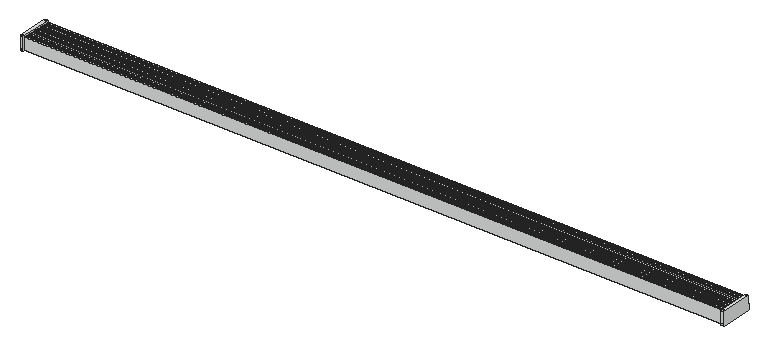
Revit family "Shower-Drain_Cover-KOHLER-Linear-K-80655", category Specialty Equipment, host Face, Revit 2017 (continued)
Definition of nested family "K-80655"
  Lines and regions (in)
    symbolic lines, detail levels medium+fine
      curve 1983: arc (27.46029, -0.83109, 0) -> (27.44855, -0.87565, 0) -> (27.41784, -0.91, 0) r 0.09854
      curve 1984: arc (27.35293, -1.01, 0) -> (27.35, -1.02893, 0) -> (27.34925, -1.04807, 0) r 0.16707
      curve 1985: line (26.89661, -1.15, 0) -> (27.24918, -1.15, 0)
      curve 1986: line (26.79749, -1.05088, 0) -> (26.79749, -1.01, 0)
      curve 1987: arc (26.79749, -1.05088, 0) -> (26.82652, -1.12097, 0) -> (26.89661, -1.15, 0) r 0.09912
      curve 1988: arc (27.24918, -1.15, 0) -> (27.3206, -1.12003, 0) -> (27.34925, -1.04807, 0) r 0.10009
      curve 1989: line (26.79749, -0.91, 0) -> (27.41784, -0.91, 0)
      curve 1990: line (28.23509, -0.05, 0) -> (28.23509, -0.19, 0)
      curve 1991: line (28.23509, -1.01, 0) -> (27.67964, -1.01, 0)
      curve 1992: line (27.35293, -1.01, 0) -> (26.79749, -1.01, 0)
      curve 1993: line (27.60364, -1.01, 0) -> (27.42893, -1.01, 0)
      curve 1994: line (28.23509, -1.01, 0) -> (28.23509, -1.05088, 0)
      curve 1995: line (26.79749, -0.91, 0) -> (26.79749, -0.77, 0)
      curve 1996: line (28.23509, -0.77, 0) -> (27.57229, -0.77, 0)
      curve 1997: line (27.61473, -0.91, 0) -> (28.23509, -0.91, 0)
      curve 1998: line (26.79749, -0.67, 0) -> (26.79749, -0.53, 0)
      curve 1999: line (27.46029, -0.77, 0) -> (26.79749, -0.77, 0)
      curve 2000: line (27.57229, -0.77, 0) -> (27.57229, -0.83109, 0)
      curve 2001: line (27.46029, -0.77, 0) -> (27.46029, -0.83109, 0)
      curve 2002: line (28.23509, -0.77, 0) -> (28.23509, -0.91, 0)
      curve 2003: line (28.23509, -0.67, 0) -> (27.57229, -0.67, 0)
      curve 2004: line (28.23509, -0.53, 0) -> (27.57229, -0.53, 0)
      curve 2005: line (27.46029, -0.67, 0) -> (26.79749, -0.67, 0)
      curve 2006: line (27.46029, -0.53, 0) -> (26.79749, -0.53, 0)
      curve 2007: line (28.23509, -0.53, 0) -> (28.23509, -0.67, 0)
      curve 2008: line (26.79749, -0.43, 0) -> (26.79749, -0.29, 0)
      curve 2009: line (27.46029, -0.53, 0) -> (27.46029, -0.67, 0)
      curve 2010: line (27.57229, -0.53, 0) -> (27.57229, -0.67, 0)
      curve 2011: line (28.23509, -0.43, 0) -> (27.57229, -0.43, 0)
      curve 2012: line (28.23509, -0.29, 0) -> (27.57229, -0.29, 0)
      curve 2013: line (28.23509, -0.29, 0) -> (28.23509, -0.43, 0)
      curve 2014: line (27.57229, -0.29, 0) -> (27.57229, -0.43, 0)
      curve 2015: line (27.46029, -0.29, 0) -> (27.46029, -0.43, 0)
      curve 2016: line (26.79749, -0.19, 0) -> (26.79749, -0.05, 0)
      curve 2017: line (27.46029, -0.29, 0) -> (26.79749, -0.29, 0)
      curve 2018: line (27.46029, -0.43, 0) -> (26.79749, -0.43, 0)
      curve 2019: line (28.23509, -0.19, 0) -> (27.57229, -0.19, 0)
      curve 2020: line (28.23509, -0.05, 0) -> (27.57229, -0.05, 0)
      curve 2021: line (27.46029, -0.19, 0) -> (26.79749, -0.19, 0)
      curve 2022: line (27.46029, -0.05, 0) -> (26.79749, -0.05, 0)
      curve 2023: line (26.68437, 0.05, 0) -> (26.68437, 0.19, 0)
      curve 2024: line (26.12069, 1.15, 0) -> (26.58496, 1.15, 0)
      curve 2025: line (26.02157, 1.05088, 0) -> (26.02157, 1.01, 0)
      curve 2026: arc (26.02157, 1.05088, 0) -> (26.0506, 1.12097, 0) -> (26.12069, 1.15, 0) r 0.09912
      curve 2027: line (26.02157, 0.91, 0) -> (26.68437, 0.91, 0)
      curve 2028: line (26.68437, 1.01, 0) -> (26.02157, 1.01, 0)
      curve 2029: line (26.02157, 0.91, 0) -> (26.02157, 0.77, 0)
      curve 2030: line (26.02157, 0.67, 0) -> (26.02157, 0.53, 0)
      curve 2031: line (26.68437, 0.77, 0) -> (26.02157, 0.77, 0)
      curve 2032: line (26.68437, 0.77, 0) -> (26.68437, 0.91, 0)
      curve 2033: line (26.68437, 0.67, 0) -> (26.02157, 0.67, 0)
      curve 2034: line (26.68437, 0.53, 0) -> (26.02157, 0.53, 0)
      curve 2035: line (26.02157, 0.43, 0) -> (26.02157, 0.29, 0)
      curve 2036: line (26.68437, 0.53, 0) -> (26.68437, 0.67, 0)
      curve 2037: line (26.68437, 0.29, 0) -> (26.68437, 0.43, 0)
      curve 2038: line (26.02157, 0.19, 0) -> (26.02157, 0.05, 0)
      curve 2039: line (26.68437, 0.29, 0) -> (26.02157, 0.29, 0)
      curve 2040: line (26.68437, 0.43, 0) -> (26.02157, 0.43, 0)
      curve 2041: line (26.68437, 0.19, 0) -> (26.02157, 0.19, 0)
      curve 2042: line (26.68437, 0.05, 0) -> (26.02157, 0.05, 0)
      curve 2043: line (26.68437, -0.05, 0) -> (26.68437, -0.19, 0)
      curve 2044: line (26.12069, -1.15, 0) -> (26.58117, -1.15, 0)
      curve 2045: line (26.02157, -1.05088, 0) -> (26.02157, -1.01, 0)
      curve 2046: arc (26.02157, -1.05088, 0) -> (26.0506, -1.12097, 0) -> (26.12069, -1.15, 0) r 0.09912
      curve 2047: line (26.02157, -0.91, 0) -> (26.68437, -0.91, 0)
      curve 2048: line (26.68437, -1.01, 0) -> (26.02157, -1.01, 0)
      curve 2049: line (26.02157, -0.91, 0) -> (26.02157, -0.77, 0)
      curve 2050: line (26.02157, -0.67, 0) -> (26.02157, -0.53, 0)
      curve 2051: line (26.68437, -0.77, 0) -> (26.02157, -0.77, 0)
      curve 2052: line (26.68437, -0.77, 0) -> (26.68437, -0.91, 0)
      curve 2053: line (26.68437, -0.67, 0) -> (26.02157, -0.67, 0)
      curve 2054: line (26.68437, -0.53, 0) -> (26.02157, -0.53, 0)
      curve 2055: line (26.02157, -0.43, 0) -> (26.02157, -0.29, 0)
      curve 2056: line (26.68437, -0.53, 0) -> (26.68437, -0.67, 0)
      curve 2057: line (26.68437, -0.29, 0) -> (26.68437, -0.43, 0)
      curve 2058: line (26.02157, -0.19, 0) -> (26.02157, -0.05, 0)
      curve 2059: line (26.68437, -0.29, 0) -> (26.02157, -0.29, 0)
      curve 2060: line (26.68437, -0.43, 0) -> (26.02157, -0.43, 0)
      curve 2061: line (26.68437, -0.19, 0) -> (26.02157, -0.19, 0)
      curve 2062: line (26.68437, -0.05, 0) -> (26.02157, -0.05, 0)
      curve 2063: line (26.68437, 1.01, 0) -> (26.68437, 1.05059, 0)
      curve 2064: arc (26.68437, 1.05059, 0) -> (26.65525, 1.12088, 0) -> (26.58496, 1.15, 0) r 0.09941
      curve 2065: line (26.68437, -1.01, 0) -> (26.68437, -1.04681, 0)
      curve 2066: arc (26.68437, -1.04681, 0) -> (26.65414, -1.11978, 0) -> (26.58117, -1.15, 0) r 0.10319
      curve 2067: line (25.24372, 0.05, 0) -> (25.24372, 0.19, 0)
      curve 2068: arc (25.24372, 0.83109, 0) -> (25.25546, 0.87565, 0) -> (25.28617, 0.91, 0) r 0.09854
      curve 2069: arc (25.35108, 1.01, 0) -> (25.35402, 1.02893, 0) -> (25.35476, 1.04807, 0) r 0.16707
      curve 2070: line (25.80741, 1.15, 0) -> (25.45483, 1.15, 0)
      curve 2071: arc (25.90652, 1.05088, 0) -> (25.87749, 1.12097, 0) -> (25.80741, 1.15, 0) r 0.09912
      curve 2072: arc (25.45483, 1.15, 0) -> (25.38341, 1.12003, 0) -> (25.35476, 1.04807, 0) r 0.10009
      curve 2073: arc (25.10037, 1.01, 0) -> (25.18772, 1.13911, 0) -> (25.27508, 1.01, 0) r 0.09411
      curve 2074: line (25.13172, 0.05, 0) -> (25.13172, 0.19, 0)
      curve 2075: arc (25.13172, 0.83109, 0) -> (25.11999, 0.87565, 0) -> (25.08928, 0.91, 0) r 0.09854
      curve 2076: arc (25.02437, 1.01, 0) -> (25.02143, 1.02893, 0) -> (25.02069, 1.04807, 0) r 0.16707
      curve 2077: line (24.56804, 1.15, 0) -> (24.92062, 1.15, 0)
      curve 2078: line (24.46892, 1.05088, 0) -> (24.46892, 1.01, 0)
      curve 2079: arc (24.46892, 1.05088, 0) -> (24.49796, 1.12097, 0) -> (24.56804, 1.15, 0) r 0.09912
      curve 2080: arc (24.92062, 1.15, 0) -> (24.99204, 1.12003, 0) -> (25.02069, 1.04807, 0) r 0.10009
      curve 2081: line (24.46892, 0.91, 0) -> (25.08928, 0.91, 0)
      curve 2082: line (25.90652, 0.05, 0) -> (25.90652, 0.19, 0)
      curve 2083: line (25.90652, 1.01, 0) -> (25.35108, 1.01, 0)
      curve 2084: line (25.02437, 1.01, 0) -> (24.46892, 1.01, 0)
      curve 2085: line (25.27508, 1.01, 0) -> (25.10037, 1.01, 0)
      curve 2086: line (25.90652, 1.01, 0) -> (25.90652, 1.05088, 0)
      curve 2087: line (24.46892, 0.91, 0) -> (24.46892, 0.77, 0)
      curve 2088: line (25.90652, 0.77, 0) -> (25.24372, 0.77, 0)
      curve 2089: line (25.28617, 0.91, 0) -> (25.90652, 0.91, 0)
      curve 2090: line (24.46892, 0.67, 0) -> (24.46892, 0.53, 0)
      curve 2091: line (25.13172, 0.77, 0) -> (24.46892, 0.77, 0)
      curve 2092: line (25.24372, 0.77, 0) -> (25.24372, 0.83109, 0)
      curve 2093: line (25.13172, 0.77, 0) -> (25.13172, 0.83109, 0)
      curve 2094: line (25.90652, 0.77, 0) -> (25.90652, 0.91, 0)
      curve 2095: line (25.90652, 0.67, 0) -> (25.24372, 0.67, 0)
      curve 2096: line (25.90652, 0.53, 0) -> (25.24372, 0.53, 0)
      curve 2097: line (25.13172, 0.67, 0) -> (24.46892, 0.67, 0)
      curve 2098: line (25.13172, 0.53, 0) -> (24.46892, 0.53, 0)
      curve 2099: line (25.90652, 0.53, 0) -> (25.90652, 0.67, 0)
      curve 2100: line (24.46892, 0.43, 0) -> (24.46892, 0.29, 0)
      curve 2101: line (25.13172, 0.53, 0) -> (25.13172, 0.67, 0)
      curve 2102: line (25.24372, 0.53, 0) -> (25.24372, 0.67, 0)
      curve 2103: line (25.90652, 0.43, 0) -> (25.24372, 0.43, 0)
      curve 2104: line (25.90652, 0.29, 0) -> (25.24372, 0.29, 0)
      curve 2105: line (25.90652, 0.29, 0) -> (25.90652, 0.43, 0)
      curve 2106: line (25.24372, 0.29, 0) -> (25.24372, 0.43, 0)
      curve 2107: line (25.13172, 0.29, 0) -> (25.13172, 0.43, 0)
      curve 2108: line (24.46892, 0.19, 0) -> (24.46892, 0.05, 0)
      curve 2109: line (25.13172, 0.29, 0) -> (24.46892, 0.29, 0)
      curve 2110: line (25.13172, 0.43, 0) -> (24.46892, 0.43, 0)
      curve 2111: line (25.90652, 0.19, 0) -> (25.24372, 0.19, 0)
      curve 2112: line (25.90652, 0.05, 0) -> (25.24372, 0.05, 0)
      curve 2113: line (25.13172, 0.19, 0) -> (24.46892, 0.19, 0)
      curve 2114: line (25.13172, 0.05, 0) -> (24.46892, 0.05, 0)
      curve 2115: line (25.24372, -0.05, 0) -> (25.24372, -0.19, 0)
      curve 2116: arc (25.24372, -0.83109, 0) -> (25.25546, -0.87565, 0) -> (25.28617, -0.91, 0) r 0.09854
      curve 2117: arc (25.35108, -1.01, 0) -> (25.35402, -1.02893, 0) -> (25.35476, -1.04807, 0) r 0.16707
      curve 2118: line (25.80741, -1.15, 0) -> (25.45483, -1.15, 0)
      curve 2119: arc (25.90652, -1.05088, 0) -> (25.87749, -1.12097, 0) -> (25.80741, -1.15, 0) r 0.09912
      curve 2120: arc (25.45483, -1.15, 0) -> (25.38341, -1.12003, 0) -> (25.35476, -1.04807, 0) r 0.10009
      curve 2121: arc (25.10037, -1.01, 0) -> (25.18772, -1.13911, 0) -> (25.27508, -1.01, 0) r 0.09411
      curve 2122: line (25.13172, -0.05, 0) -> (25.13172, -0.19, 0)
      curve 2123: arc (25.13172, -0.83109, 0) -> (25.11999, -0.87565, 0) -> (25.08928, -0.91, 0) r 0.09854
      curve 2124: arc (25.02437, -1.01, 0) -> (25.02143, -1.02893, 0) -> (25.02069, -1.04807, 0) r 0.16707
      curve 2125: line (24.56804, -1.15, 0) -> (24.92062, -1.15, 0)
      curve 2126: line (24.46892, -1.05088, 0) -> (24.46892, -1.01, 0)
      curve 2127: arc (24.46892, -1.05088, 0) -> (24.49796, -1.12097, 0) -> (24.56804, -1.15, 0) r 0.09912
      curve 2128: arc (24.92062, -1.15, 0) -> (24.99204, -1.12003, 0) -> (25.02069, -1.04807, 0) r 0.10009
      curve 2129: line (24.46892, -0.91, 0) -> (25.08928, -0.91, 0)
      curve 2130: line (25.90652, -0.05, 0) -> (25.90652, -0.19, 0)
      curve 2131: line (25.90652, -1.01, 0) -> (25.35108, -1.01, 0)
      curve 2132: line (25.02437, -1.01, 0) -> (24.46892, -1.01, 0)
      curve 2133: line (25.27508, -1.01, 0) -> (25.10037, -1.01, 0)
      curve 2134: line (25.90652, -1.01, 0) -> (25.90652, -1.05088, 0)
      curve 2135: line (24.46892, -0.91, 0) -> (24.46892, -0.77, 0)
      curve 2136: line (25.90652, -0.77, 0) -> (25.24372, -0.77, 0)
      curve 2137: line (25.28617, -0.91, 0) -> (25.90652, -0.91, 0)
      curve 2138: line (24.46892, -0.67, 0) -> (24.46892, -0.53, 0)
      curve 2139: line (25.13172, -0.77, 0) -> (24.46892, -0.77, 0)
      curve 2140: line (25.24372, -0.77, 0) -> (25.24372, -0.83109, 0)
      curve 2141: line (25.13172, -0.77, 0) -> (25.13172, -0.83109, 0)
      curve 2142: line (25.90652, -0.77, 0) -> (25.90652, -0.91, 0)
      curve 2143: line (25.90652, -0.67, 0) -> (25.24372, -0.67, 0)
      curve 2144: line (25.90652, -0.53, 0) -> (25.24372, -0.53, 0)
      curve 2145: line (25.13172, -0.67, 0) -> (24.46892, -0.67, 0)
      curve 2146: line (25.13172, -0.53, 0) -> (24.46892, -0.53, 0)
      curve 2147: line (25.90652, -0.53, 0) -> (25.90652, -0.67, 0)
      curve 2148: line (24.46892, -0.43, 0) -> (24.46892, -0.29, 0)
      curve 2149: line (25.13172, -0.53, 0) -> (25.13172, -0.67, 0)
      curve 2150: line (25.24372, -0.53, 0) -> (25.24372, -0.67, 0)
      curve 2151: line (25.90652, -0.43, 0) -> (25.24372, -0.43, 0)
      curve 2152: line (25.90652, -0.29, 0) -> (25.24372, -0.29, 0)
      curve 2153: line (25.90652, -0.29, 0) -> (25.90652, -0.43, 0)
      curve 2154: line (25.24372, -0.29, 0) -> (25.24372, -0.43, 0)
      curve 2155: line (25.13172, -0.29, 0) -> (25.13172, -0.43, 0)
      curve 2156: line (24.46892, -0.19, 0) -> (24.46892, -0.05, 0)
      curve 2157: line (25.13172, -0.29, 0) -> (24.46892, -0.29, 0)
      curve 2158: line (25.13172, -0.43, 0) -> (24.46892, -0.43, 0)
      curve 2159: line (25.90652, -0.19, 0) -> (25.24372, -0.19, 0)
      curve 2160: line (25.90652, -0.05, 0) -> (25.24372, -0.05, 0)
      curve 2161: line (25.13172, -0.19, 0) -> (24.46892, -0.19, 0)
      curve 2162: line (25.13172, -0.05, 0) -> (24.46892, -0.05, 0)
      curve 2163: line (24.35581, 0.05, 0) -> (24.35581, 0.19, 0)
      curve 2164: line (23.79213, 1.15, 0) -> (24.2564, 1.15, 0)
      curve 2165: line (23.69301, 1.05088, 0) -> (23.69301, 1.01, 0)
      curve 2166: arc (23.69301, 1.05088, 0) -> (23.72204, 1.12097, 0) -> (23.79213, 1.15, 0) r 0.09912
      curve 2167: line (23.69301, 0.91, 0) -> (24.35581, 0.91, 0)
      curve 2168: line (24.35581, 1.01, 0) -> (23.69301, 1.01, 0)
      curve 2169: line (23.69301, 0.91, 0) -> (23.69301, 0.77, 0)
      curve 2170: line (23.69301, 0.67, 0) -> (23.69301, 0.53, 0)
      curve 2171: line (24.35581, 0.77, 0) -> (23.69301, 0.77, 0)
      curve 2172: line (24.35581, 0.77, 0) -> (24.35581, 0.91, 0)
      curve 2173: line (24.35581, 0.67, 0) -> (23.69301, 0.67, 0)
      curve 2174: line (24.35581, 0.53, 0) -> (23.69301, 0.53, 0)
      curve 2175: line (23.69301, 0.43, 0) -> (23.69301, 0.29, 0)
      curve 2176: line (24.35581, 0.53, 0) -> (24.35581, 0.67, 0)
      curve 2177: line (24.35581, 0.29, 0) -> (24.35581, 0.43, 0)
      curve 2178: line (23.69301, 0.19, 0) -> (23.69301, 0.05, 0)
      curve 2179: line (24.35581, 0.29, 0) -> (23.69301, 0.29, 0)
      curve 2180: line (24.35581, 0.43, 0) -> (23.69301, 0.43, 0)
      curve 2181: line (24.35581, 0.19, 0) -> (23.69301, 0.19, 0)
      curve 2182: line (24.35581, 0.05, 0) -> (23.69301, 0.05, 0)
      curve 2183: line (24.35581, -0.05, 0) -> (24.35581, -0.19, 0)
      curve 2184: line (23.79213, -1.15, 0) -> (24.25261, -1.15, 0)
      curve 2185: line (23.69301, -1.05088, 0) -> (23.69301, -1.01, 0)
      curve 2186: arc (23.69301, -1.05088, 0) -> (23.72204, -1.12097, 0) -> (23.79213, -1.15, 0) r 0.09912
      curve 2187: line (23.69301, -0.91, 0) -> (24.35581, -0.91, 0)
      curve 2188: line (24.35581, -1.01, 0) -> (23.69301, -1.01, 0)
      curve 2189: line (23.69301, -0.91, 0) -> (23.69301, -0.77, 0)
      curve 2190: line (23.69301, -0.67, 0) -> (23.69301, -0.53, 0)
      curve 2191: line (24.35581, -0.77, 0) -> (23.69301, -0.77, 0)
      curve 2192: line (24.35581, -0.77, 0) -> (24.35581, -0.91, 0)
      curve 2193: line (24.35581, -0.67, 0) -> (23.69301, -0.67, 0)
      curve 2194: line (24.35581, -0.53, 0) -> (23.69301, -0.53, 0)
      curve 2195: line (23.69301, -0.43, 0) -> (23.69301, -0.29, 0)
      curve 2196: line (24.35581, -0.53, 0) -> (24.35581, -0.67, 0)
      curve 2197: line (24.35581, -0.29, 0) -> (24.35581, -0.43, 0)
      curve 2198: line (23.69301, -0.19, 0) -> (23.69301, -0.05, 0)
      curve 2199: line (24.35581, -0.29, 0) -> (23.69301, -0.29, 0)
      curve 2200: line (24.35581, -0.43, 0) -> (23.69301, -0.43, 0)
      curve 2201: line (24.35581, -0.19, 0) -> (23.69301, -0.19, 0)
      curve 2202: line (24.35581, -0.05, 0) -> (23.69301, -0.05, 0)
      curve 2203: line (24.35581, 1.01, 0) -> (24.35581, 1.05059, 0)
      curve 2204: arc (24.35581, 1.05059, 0) -> (24.32669, 1.12088, 0) -> (24.2564, 1.15, 0) r 0.09941
      curve 2205: line (24.35581, -1.01, 0) -> (24.35581, -1.04681, 0)
      curve 2206: arc (24.35581, -1.04681, 0) -> (24.32558, -1.11978, 0) -> (24.25261, -1.15, 0) r 0.10319
      curve 2207: line (22.91993, 0.05, 0) -> (22.91993, 0.19, 0)
      curve 2208: arc (22.91993, 0.83109, 0) -> (22.93167, 0.87565, 0) -> (22.96238, 0.91, 0) r 0.09854
      curve 2209: arc (23.02729, 1.01, 0) -> (23.03022, 1.02893, 0) -> (23.03097, 1.04807, 0) r 0.16707
      curve 2210: line (23.48361, 1.15, 0) -> (23.13104, 1.15, 0)
      curve 2211: arc (23.58273, 1.05088, 0) -> (23.5537, 1.12097, 0) -> (23.48361, 1.15, 0) r 0.09912
      curve 2212: arc (23.13104, 1.15, 0) -> (23.05962, 1.12003, 0) -> (23.03097, 1.04807, 0) r 0.10009
      curve 2213: arc (22.77657, 1.01, 0) -> (22.86393, 1.13911, 0) -> (22.95128, 1.01, 0) r 0.09411
      curve 2214: line (22.80793, 0.05, 0) -> (22.80793, 0.19, 0)
      curve 2215: arc (22.80793, 0.83109, 0) -> (22.79619, 0.87565, 0) -> (22.76548, 0.91, 0) r 0.09854
      curve 2216: arc (22.70057, 1.01, 0) -> (22.69764, 1.02893, 0) -> (22.69689, 1.04807, 0) r 0.16707
      curve 2217: line (22.24425, 1.15, 0) -> (22.59682, 1.15, 0)
      curve 2218: line (22.14513, 1.05088, 0) -> (22.14513, 1.01, 0)
      curve 2219: arc (22.14513, 1.05088, 0) -> (22.17416, 1.12097, 0) -> (22.24425, 1.15, 0) r 0.09912
      curve 2220: arc (22.59682, 1.15, 0) -> (22.66824, 1.12003, 0) -> (22.69689, 1.04807, 0) r 0.10009
      curve 2221: line (22.14513, 0.91, 0) -> (22.76548, 0.91, 0)
      curve 2222: line (23.58273, 0.05, 0) -> (23.58273, 0.19, 0)
      curve 2223: line (23.58273, 1.01, 0) -> (23.02729, 1.01, 0)
      curve 2224: line (22.70057, 1.01, 0) -> (22.14513, 1.01, 0)
      curve 2225: line (22.95128, 1.01, 0) -> (22.77657, 1.01, 0)
      curve 2226: line (23.58273, 1.01, 0) -> (23.58273, 1.05088, 0)
      curve 2227: line (22.14513, 0.91, 0) -> (22.14513, 0.77, 0)
      curve 2228: line (23.58273, 0.77, 0) -> (22.91993, 0.77, 0)
      curve 2229: line (22.96238, 0.91, 0) -> (23.58273, 0.91, 0)
      curve 2230: line (22.14513, 0.67, 0) -> (22.14513, 0.53, 0)
      curve 2231: line (22.80793, 0.77, 0) -> (22.14513, 0.77, 0)
      curve 2232: line (22.91993, 0.77, 0) -> (22.91993, 0.83109, 0)
      curve 2233: line (22.80793, 0.77, 0) -> (22.80793, 0.83109, 0)
      curve 2234: line (23.58273, 0.77, 0) -> (23.58273, 0.91, 0)
      curve 2235: line (23.58273, 0.67, 0) -> (22.91993, 0.67, 0)
      curve 2236: line (23.58273, 0.53, 0) -> (22.91993, 0.53, 0)
      curve 2237: line (22.80793, 0.67, 0) -> (22.14513, 0.67, 0)
      curve 2238: line (22.80793, 0.53, 0) -> (22.14513, 0.53, 0)
      curve 2239: line (23.58273, 0.53, 0) -> (23.58273, 0.67, 0)
      curve 2240: line (22.14513, 0.43, 0) -> (22.14513, 0.29, 0)
      curve 2241: line (22.80793, 0.53, 0) -> (22.80793, 0.67, 0)
      curve 2242: line (22.91993, 0.53, 0) -> (22.91993, 0.67, 0)
      curve 2243: line (23.58273, 0.43, 0) -> (22.91993, 0.43, 0)
      curve 2244: line (23.58273, 0.29, 0) -> (22.91993, 0.29, 0)
      curve 2245: line (23.58273, 0.29, 0) -> (23.58273, 0.43, 0)
      curve 2246: line (22.91993, 0.29, 0) -> (22.91993, 0.43, 0)
      curve 2247: line (22.80793, 0.29, 0) -> (22.80793, 0.43, 0)
      curve 2248: line (22.14513, 0.19, 0) -> (22.14513, 0.05, 0)
      curve 2249: line (22.80793, 0.29, 0) -> (22.14513, 0.29, 0)
      curve 2250: line (22.80793, 0.43, 0) -> (22.14513, 0.43, 0)
      curve 2251: line (23.58273, 0.19, 0) -> (22.91993, 0.19, 0)
      curve 2252: line (23.58273, 0.05, 0) -> (22.91993, 0.05, 0)
      curve 2253: line (22.80793, 0.19, 0) -> (22.14513, 0.19, 0)
      curve 2254: line (22.80793, 0.05, 0) -> (22.14513, 0.05, 0)
      curve 2255: line (22.91993, -0.05, 0) -> (22.91993, -0.19, 0)
      curve 2256: arc (22.91993, -0.83109, 0) -> (22.93167, -0.87565, 0) -> (22.96238, -0.91, 0) r 0.09854
      curve 2257: arc (23.02729, -1.01, 0) -> (23.03022, -1.02893, 0) -> (23.03097, -1.04807, 0) r 0.16707
      curve 2258: line (23.48361, -1.15, 0) -> (23.13104, -1.15, 0)
      curve 2259: arc (23.58273, -1.05088, 0) -> (23.5537, -1.12097, 0) -> (23.48361, -1.15, 0) r 0.09912
      curve 2260: arc (23.13104, -1.15, 0) -> (23.05962, -1.12003, 0) -> (23.03097, -1.04807, 0) r 0.10009
      curve 2261: arc (22.77657, -1.01, 0) -> (22.86393, -1.13911, 0) -> (22.95128, -1.01, 0) r 0.09411
      curve 2262: line (22.80793, -0.05, 0) -> (22.80793, -0.19, 0)
      curve 2263: arc (22.80793, -0.83109, 0) -> (22.79619, -0.87565, 0) -> (22.76548, -0.91, 0) r 0.09854
      curve 2264: arc (22.70057, -1.01, 0) -> (22.69764, -1.02893, 0) -> (22.69689, -1.04807, 0) r 0.16707
      curve 2265: line (22.24425, -1.15, 0) -> (22.59682, -1.15, 0)
      curve 2266: line (22.14513, -1.05088, 0) -> (22.14513, -1.01, 0)
      curve 2267: arc (22.14513, -1.05088, 0) -> (22.17416, -1.12097, 0) -> (22.24425, -1.15, 0) r 0.09912
      curve 2268: arc (22.59682, -1.15, 0) -> (22.66824, -1.12003, 0) -> (22.69689, -1.04807, 0) r 0.10009
      curve 2269: line (22.14513, -0.91, 0) -> (22.76548, -0.91, 0)
      curve 2270: line (23.58273, -0.05, 0) -> (23.58273, -0.19, 0)
      curve 2271: line (23.58273, -1.01, 0) -> (23.02729, -1.01, 0)
      curve 2272: line (22.70057, -1.01, 0) -> (22.14513, -1.01, 0)
      curve 2273: line (22.95128, -1.01, 0) -> (22.77657, -1.01, 0)
      curve 2274: line (23.58273, -1.01, 0) -> (23.58273, -1.05088, 0)
      curve 2275: line (22.14513, -0.91, 0) -> (22.14513, -0.77, 0)
      curve 2276: line (23.58273, -0.77, 0) -> (22.91993, -0.77, 0)
      curve 2277: line (22.96238, -0.91, 0) -> (23.58273, -0.91, 0)
      curve 2278: line (22.14513, -0.67, 0) -> (22.14513, -0.53, 0)
      curve 2279: line (22.80793, -0.77, 0) -> (22.14513, -0.77, 0)
      curve 2280: line (22.91993, -0.77, 0) -> (22.91993, -0.83109, 0)
      curve 2281: line (22.80793, -0.77, 0) -> (22.80793, -0.83109, 0)
      curve 2282: line (23.58273, -0.77, 0) -> (23.58273, -0.91, 0)
      curve 2283: line (23.58273, -0.67, 0) -> (22.91993, -0.67, 0)
      curve 2284: line (23.58273, -0.53, 0) -> (22.91993, -0.53, 0)
      curve 2285: line (22.80793, -0.67, 0) -> (22.14513, -0.67, 0)
      curve 2286: line (22.80793, -0.53, 0) -> (22.14513, -0.53, 0)
      curve 2287: line (23.58273, -0.53, 0) -> (23.58273, -0.67, 0)
      curve 2288: line (22.14513, -0.43, 0) -> (22.14513, -0.29, 0)
      curve 2289: line (22.80793, -0.53, 0) -> (22.80793, -0.67, 0)
      curve 2290: line (22.91993, -0.53, 0) -> (22.91993, -0.67, 0)
      curve 2291: line (23.58273, -0.43, 0) -> (22.91993, -0.43, 0)
      curve 2292: line (23.58273, -0.29, 0) -> (22.91993, -0.29, 0)
      curve 2293: line (23.58273, -0.29, 0) -> (23.58273, -0.43, 0)
      curve 2294: line (22.91993, -0.29, 0) -> (22.91993, -0.43, 0)
      curve 2295: line (22.80793, -0.29, 0) -> (22.80793, -0.43, 0)
      curve 2296: line (22.14513, -0.19, 0) -> (22.14513, -0.05, 0)
      curve 2297: line (22.80793, -0.29, 0) -> (22.14513, -0.29, 0)
      curve 2298: line (22.80793, -0.43, 0) -> (22.14513, -0.43, 0)
      curve 2299: line (23.58273, -0.19, 0) -> (22.91993, -0.19, 0)
      curve 2300: line (23.58273, -0.05, 0) -> (22.91993, -0.05, 0)
      curve 2301: line (22.80793, -0.19, 0) -> (22.14513, -0.19, 0)
      curve 2302: line (22.80793, -0.05, 0) -> (22.14513, -0.05, 0)
      curve 2303: line (21.37167, 0.05, 0) -> (21.37167, 0.19, 0)
      curve 2304: arc (21.37167, 0.83109, 0) -> (21.38341, 0.87565, 0) -> (21.41412, 0.91, 0) r 0.09854
      curve 2305: arc (21.47903, 1.01, 0) -> (21.48196, 1.02893, 0) -> (21.48271, 1.04807, 0) r 0.16707
      curve 2306: line (21.93535, 1.15, 0) -> (21.58278, 1.15, 0)
      curve 2307: arc (22.03447, 1.05088, 0) -> (22.00544, 1.12097, 0) -> (21.93535, 1.15, 0) r 0.09912
      curve 2308: arc (21.58278, 1.15, 0) -> (21.51136, 1.12003, 0) -> (21.48271, 1.04807, 0) r 0.10009
      curve 2309: arc (21.22832, 1.01, 0) -> (21.31567, 1.13911, 0) -> (21.40303, 1.01, 0) r 0.09411
      curve 2310: line (21.25967, 0.05, 0) -> (21.25967, 0.19, 0)
      curve 2311: arc (21.25967, 0.83109, 0) -> (21.24794, 0.87565, 0) -> (21.21722, 0.91, 0) r 0.09854
      curve 2312: arc (21.15232, 1.01, 0) -> (21.14938, 1.02893, 0) -> (21.14864, 1.04807, 0) r 0.16707
      curve 2313: line (20.69599, 1.15, 0) -> (21.04856, 1.15, 0)
      curve 2314: line (20.59687, 1.05088, 0) -> (20.59687, 1.01, 0)
      curve 2315: arc (20.59687, 1.05088, 0) -> (20.62591, 1.12097, 0) -> (20.69599, 1.15, 0) r 0.09912
      curve 2316: arc (21.04856, 1.15, 0) -> (21.11999, 1.12003, 0) -> (21.14864, 1.04807, 0) r 0.10009
      curve 2317: line (20.59687, 0.91, 0) -> (21.21722, 0.91, 0)
      curve 2318: line (22.03447, 0.05, 0) -> (22.03447, 0.19, 0)
      curve 2319: line (22.03447, 1.01, 0) -> (21.47903, 1.01, 0)
      curve 2320: line (21.15232, 1.01, 0) -> (20.59687, 1.01, 0)
      curve 2321: line (21.40303, 1.01, 0) -> (21.22832, 1.01, 0)
      curve 2322: line (22.03447, 1.01, 0) -> (22.03447, 1.05088, 0)
      curve 2323: line (20.59687, 0.91, 0) -> (20.59687, 0.77, 0)
      curve 2324: line (22.03447, 0.77, 0) -> (21.37167, 0.77, 0)
      curve 2325: line (21.41412, 0.91, 0) -> (22.03447, 0.91, 0)
      curve 2326: line (20.59687, 0.67, 0) -> (20.59687, 0.53, 0)
      curve 2327: line (21.25967, 0.77, 0) -> (20.59687, 0.77, 0)
      curve 2328: line (21.37167, 0.77, 0) -> (21.37167, 0.83109, 0)
      curve 2329: line (21.25967, 0.77, 0) -> (21.25967, 0.83109, 0)
      curve 2330: line (22.03447, 0.77, 0) -> (22.03447, 0.91, 0)
      curve 2331: line (22.03447, 0.67, 0) -> (21.37167, 0.67, 0)
      curve 2332: line (22.03447, 0.53, 0) -> (21.37167, 0.53, 0)
      curve 2333: line (21.25967, 0.67, 0) -> (20.59687, 0.67, 0)
      curve 2334: line (21.25967, 0.53, 0) -> (20.59687, 0.53, 0)
      curve 2335: line (22.03447, 0.53, 0) -> (22.03447, 0.67, 0)
      curve 2336: line (20.59687, 0.43, 0) -> (20.59687, 0.29, 0)
      curve 2337: line (21.25967, 0.53, 0) -> (21.25967, 0.67, 0)
      curve 2338: line (21.37167, 0.53, 0) -> (21.37167, 0.67, 0)
      curve 2339: line (22.03447, 0.43, 0) -> (21.37167, 0.43, 0)
      curve 2340: line (22.03447, 0.29, 0) -> (21.37167, 0.29, 0)
      curve 2341: line (22.03447, 0.29, 0) -> (22.03447, 0.43, 0)
      curve 2342: line (21.37167, 0.29, 0) -> (21.37167, 0.43, 0)
      curve 2343: line (21.25967, 0.29, 0) -> (21.25967, 0.43, 0)
      curve 2344: line (20.59687, 0.19, 0) -> (20.59687, 0.05, 0)
      curve 2345: line (21.25967, 0.29, 0) -> (20.59687, 0.29, 0)
      curve 2346: line (21.25967, 0.43, 0) -> (20.59687, 0.43, 0)
      curve 2347: line (22.03447, 0.19, 0) -> (21.37167, 0.19, 0)
      curve 2348: line (22.03447, 0.05, 0) -> (21.37167, 0.05, 0)
      curve 2349: line (21.25967, 0.19, 0) -> (20.59687, 0.19, 0)
      curve 2350: line (21.25967, 0.05, 0) -> (20.59687, 0.05, 0)
      curve 2351: line (21.37167, -0.05, 0) -> (21.37167, -0.19, 0)
      curve 2352: arc (21.37167, -0.83109, 0) -> (21.38341, -0.87565, 0) -> (21.41412, -0.91, 0) r 0.09854
      curve 2353: arc (21.47903, -1.01, 0) -> (21.48196, -1.02893, 0) -> (21.48271, -1.04807, 0) r 0.16707
      curve 2354: line (21.93535, -1.15, 0) -> (21.58278, -1.15, 0)
      curve 2355: arc (22.03447, -1.05088, 0) -> (22.00544, -1.12097, 0) -> (21.93535, -1.15, 0) r 0.09912
      curve 2356: arc (21.58278, -1.15, 0) -> (21.51136, -1.12003, 0) -> (21.48271, -1.04807, 0) r 0.10009
      curve 2357: arc (21.22832, -1.01, 0) -> (21.31567, -1.13911, 0) -> (21.40303, -1.01, 0) r 0.09411
      curve 2358: line (21.25967, -0.05, 0) -> (21.25967, -0.19, 0)
      curve 2359: arc (21.25967, -0.83109, 0) -> (21.24794, -0.87565, 0) -> (21.21722, -0.91, 0) r 0.09854
      curve 2360: arc (21.15232, -1.01, 0) -> (21.14938, -1.02893, 0) -> (21.14864, -1.04807, 0) r 0.16707
      curve 2361: line (20.69599, -1.15, 0) -> (21.04856, -1.15, 0)
      curve 2362: line (20.59687, -1.05088, 0) -> (20.59687, -1.01, 0)
      curve 2363: arc (20.59687, -1.05088, 0) -> (20.62591, -1.12097, 0) -> (20.69599, -1.15, 0) r 0.09912
      curve 2364: arc (21.04856, -1.15, 0) -> (21.11999, -1.12003, 0) -> (21.14864, -1.04807, 0) r 0.10009
      curve 2365: line (20.59687, -0.91, 0) -> (21.21722, -0.91, 0)
      curve 2366: line (22.03447, -0.05, 0) -> (22.03447, -0.19, 0)
      curve 2367: line (22.03447, -1.01, 0) -> (21.47903, -1.01, 0)
      curve 2368: line (21.15232, -1.01, 0) -> (20.59687, -1.01, 0)
      curve 2369: line (21.40303, -1.01, 0) -> (21.22832, -1.01, 0)
      curve 2370: line (22.03447, -1.01, 0) -> (22.03447, -1.05088, 0)
      curve 2371: line (20.59687, -0.91, 0) -> (20.59687, -0.77, 0)
      curve 2372: line (22.03447, -0.77, 0) -> (21.37167, -0.77, 0)
      curve 2373: line (21.41412, -0.91, 0) -> (22.03447, -0.91, 0)
      curve 2374: line (20.59687, -0.67, 0) -> (20.59687, -0.53, 0)
      curve 2375: line (21.25967, -0.77, 0) -> (20.59687, -0.77, 0)
      curve 2376: line (21.37167, -0.77, 0) -> (21.37167, -0.83109, 0)
      curve 2377: line (21.25967, -0.77, 0) -> (21.25967, -0.83109, 0)
      curve 2378: line (22.03447, -0.77, 0) -> (22.03447, -0.91, 0)
      curve 2379: line (22.03447, -0.67, 0) -> (21.37167, -0.67, 0)
      curve 2380: line (22.03447, -0.53, 0) -> (21.37167, -0.53, 0)
      curve 2381: line (21.25967, -0.67, 0) -> (20.59687, -0.67, 0)
      curve 2382: line (21.25967, -0.53, 0) -> (20.59687, -0.53, 0)
      curve 2383: line (22.03447, -0.53, 0) -> (22.03447, -0.67, 0)
      curve 2384: line (20.59687, -0.43, 0) -> (20.59687, -0.29, 0)
      curve 2385: line (21.25967, -0.53, 0) -> (21.25967, -0.67, 0)
      curve 2386: line (21.37167, -0.53, 0) -> (21.37167, -0.67, 0)
      curve 2387: line (22.03447, -0.43, 0) -> (21.37167, -0.43, 0)
      curve 2388: line (22.03447, -0.29, 0) -> (21.37167, -0.29, 0)
      curve 2389: line (22.03447, -0.29, 0) -> (22.03447, -0.43, 0)
      curve 2390: line (21.37167, -0.29, 0) -> (21.37167, -0.43, 0)
      curve 2391: line (21.25967, -0.29, 0) -> (21.25967, -0.43, 0)
      curve 2392: line (20.59687, -0.19, 0) -> (20.59687, -0.05, 0)
      curve 2393: line (21.25967, -0.29, 0) -> (20.59687, -0.29, 0)
      curve 2394: line (21.25967, -0.43, 0) -> (20.59687, -0.43, 0)
      curve 2395: line (22.03447, -0.19, 0) -> (21.37167, -0.19, 0)
      curve 2396: line (22.03447, -0.05, 0) -> (21.37167, -0.05, 0)
      curve 2397: line (21.25967, -0.19, 0) -> (20.59687, -0.19, 0)
      curve 2398: line (21.25967, -0.05, 0) -> (20.59687, -0.05, 0)
      curve 2399: line (20.48505, 0.05, 0) -> (20.48505, 0.19, 0)
      curve 2400: line (19.92137, 1.15, 0) -> (20.38565, 1.15, 0)
      curve 2401: line (19.82225, 1.05088, 0) -> (19.82225, 1.01, 0)
      curve 2402: arc (19.82225, 1.05088, 0) -> (19.85128, 1.12097, 0) -> (19.92137, 1.15, 0) r 0.09912
      curve 2403: line (19.82225, 0.91, 0) -> (20.48505, 0.91, 0)
      curve 2404: line (20.48505, 1.01, 0) -> (19.82225, 1.01, 0)
      curve 2405: line (19.82225, 0.91, 0) -> (19.82225, 0.77, 0)
      curve 2406: line (19.82225, 0.67, 0) -> (19.82225, 0.53, 0)
      curve 2407: line (20.48505, 0.77, 0) -> (19.82225, 0.77, 0)
      curve 2408: line (20.48505, 0.77, 0) -> (20.48505, 0.91, 0)
      curve 2409: line (20.48505, 0.67, 0) -> (19.82225, 0.67, 0)
      curve 2410: line (20.48505, 0.53, 0) -> (19.82225, 0.53, 0)
      curve 2411: line (19.82225, 0.43, 0) -> (19.82225, 0.29, 0)
      curve 2412: line (20.48505, 0.53, 0) -> (20.48505, 0.67, 0)
      curve 2413: line (20.48505, 0.29, 0) -> (20.48505, 0.43, 0)
      curve 2414: line (19.82225, 0.19, 0) -> (19.82225, 0.05, 0)
      curve 2415: line (20.48505, 0.29, 0) -> (19.82225, 0.29, 0)
      curve 2416: line (20.48505, 0.43, 0) -> (19.82225, 0.43, 0)
      curve 2417: line (20.48505, 0.19, 0) -> (19.82225, 0.19, 0)
      curve 2418: line (20.48505, 0.05, 0) -> (19.82225, 0.05, 0)
      curve 2419: line (20.48505, -0.05, 0) -> (20.48505, -0.19, 0)
      curve 2420: line (19.92137, -1.15, 0) -> (20.38186, -1.15, 0)
      curve 2421: line (19.82225, -1.05088, 0) -> (19.82225, -1.01, 0)
      curve 2422: arc (19.82225, -1.05088, 0) -> (19.85128, -1.12097, 0) -> (19.92137, -1.15, 0) r 0.09912
      curve 2423: line (19.82225, -0.91, 0) -> (20.48505, -0.91, 0)
      curve 2424: line (20.48505, -1.01, 0) -> (19.82225, -1.01, 0)
      curve 2425: line (19.82225, -0.91, 0) -> (19.82225, -0.77, 0)
      curve 2426: line (19.82225, -0.67, 0) -> (19.82225, -0.53, 0)
      curve 2427: line (20.48505, -0.77, 0) -> (19.82225, -0.77, 0)
      curve 2428: line (20.48505, -0.77, 0) -> (20.48505, -0.91, 0)
      curve 2429: line (20.48505, -0.67, 0) -> (19.82225, -0.67, 0)
      curve 2430: line (20.48505, -0.53, 0) -> (19.82225, -0.53, 0)
      curve 2431: line (19.82225, -0.43, 0) -> (19.82225, -0.29, 0)
      curve 2432: line (20.48505, -0.53, 0) -> (20.48505, -0.67, 0)
      curve 2433: line (20.48505, -0.29, 0) -> (20.48505, -0.43, 0)
      curve 2434: line (19.82225, -0.19, 0) -> (19.82225, -0.05, 0)
      curve 2435: line (20.48505, -0.29, 0) -> (19.82225, -0.29, 0)
      curve 2436: line (20.48505, -0.43, 0) -> (19.82225, -0.43, 0)
      curve 2437: line (20.48505, -0.19, 0) -> (19.82225, -0.19, 0)
      curve 2438: line (20.48505, -0.05, 0) -> (19.82225, -0.05, 0)
      curve 2439: line (20.48505, 1.01, 0) -> (20.48505, 1.05059, 0)
      curve 2440: arc (20.48505, 1.05059, 0) -> (20.45594, 1.12088, 0) -> (20.38565, 1.15, 0) r 0.09941
      curve 2441: line (20.48505, -1.01, 0) -> (20.48505, -1.04681, 0)
      curve 2442: arc (20.48505, -1.04681, 0) -> (20.45483, -1.11978, 0) -> (20.38186, -1.15, 0) r 0.10319
      curve 2443: line (19.70999, 0.05, 0) -> (19.70999, 0.19, 0)
      curve 2444: line (19.14631, 1.15, 0) -> (19.61058, 1.15, 0)
      curve 2445: line (19.04719, 1.05088, 0) -> (19.04719, 1.01, 0)
      curve 2446: arc (19.04719, 1.05088, 0) -> (19.07622, 1.12097, 0) -> (19.14631, 1.15, 0) r 0.09912
      curve 2447: line (19.04719, 0.91, 0) -> (19.70999, 0.91, 0)
      curve 2448: line (19.70999, 1.01, 0) -> (19.04719, 1.01, 0)
      curve 2449: line (19.04719, 0.91, 0) -> (19.04719, 0.77, 0)
      curve 2450: line (19.04719, 0.67, 0) -> (19.04719, 0.53, 0)
      curve 2451: line (19.70999, 0.77, 0) -> (19.04719, 0.77, 0)
      curve 2452: line (19.70999, 0.77, 0) -> (19.70999, 0.91, 0)
      curve 2453: line (19.70999, 0.67, 0) -> (19.04719, 0.67, 0)
      curve 2454: line (19.70999, 0.53, 0) -> (19.04719, 0.53, 0)
      curve 2455: line (19.04719, 0.43, 0) -> (19.04719, 0.29, 0)
      curve 2456: line (19.70999, 0.53, 0) -> (19.70999, 0.67, 0)
      curve 2457: line (19.70999, 0.29, 0) -> (19.70999, 0.43, 0)
      curve 2458: line (19.04719, 0.19, 0) -> (19.04719, 0.05, 0)
      curve 2459: line (19.70999, 0.29, 0) -> (19.04719, 0.29, 0)
      curve 2460: line (19.70999, 0.43, 0) -> (19.04719, 0.43, 0)
      curve 2461: line (19.70999, 0.19, 0) -> (19.04719, 0.19, 0)
      curve 2462: line (19.70999, 0.05, 0) -> (19.04719, 0.05, 0)
      curve 2463: line (19.70999, -0.05, 0) -> (19.70999, -0.19, 0)
      curve 2464: line (19.14631, -1.15, 0) -> (19.60679, -1.15, 0)
      curve 2465: line (19.04719, -1.05088, 0) -> (19.04719, -1.01, 0)
      curve 2466: arc (19.04719, -1.05088, 0) -> (19.07622, -1.12097, 0) -> (19.14631, -1.15, 0) r 0.09912
      curve 2467: line (19.04719, -0.91, 0) -> (19.70999, -0.91, 0)
      curve 2468: line (19.70999, -1.01, 0) -> (19.04719, -1.01, 0)
      curve 2469: line (19.04719, -0.91, 0) -> (19.04719, -0.77, 0)
      curve 2470: line (19.04719, -0.67, 0) -> (19.04719, -0.53, 0)
      curve 2471: line (19.70999, -0.77, 0) -> (19.04719, -0.77, 0)
      curve 2472: line (19.70999, -0.77, 0) -> (19.70999, -0.91, 0)
      curve 2473: line (19.70999, -0.67, 0) -> (19.04719, -0.67, 0)
      curve 2474: line (19.70999, -0.53, 0) -> (19.04719, -0.53, 0)
      curve 2475: line (19.04719, -0.43, 0) -> (19.04719, -0.29, 0)
      curve 2476: line (19.70999, -0.53, 0) -> (19.70999, -0.67, 0)
      curve 2477: line (19.70999, -0.29, 0) -> (19.70999, -0.43, 0)
      curve 2478: line (19.04719, -0.19, 0) -> (19.04719, -0.05, 0)
      curve 2479: line (19.70999, -0.29, 0) -> (19.04719, -0.29, 0)
      curve 2480: line (19.70999, -0.43, 0) -> (19.04719, -0.43, 0)
      curve 2481: line (19.70999, -0.19, 0) -> (19.04719, -0.19, 0)
      curve 2482: line (19.70999, -0.05, 0) -> (19.04719, -0.05, 0)
      curve 2483: line (19.70999, 1.01, 0) -> (19.70999, 1.05059, 0)
      curve 2484: arc (19.70999, 1.05059, 0) -> (19.68087, 1.12088, 0) -> (19.61058, 1.15, 0) r 0.09941
      curve 2485: line (19.70999, -1.01, 0) -> (19.70999, -1.04681, 0)
      curve 2486: arc (19.70999, -1.04681, 0) -> (19.67976, -1.11978, 0) -> (19.60679, -1.15, 0) r 0.10319
      curve 2487: line (18.93446, 0.05, 0) -> (18.93446, 0.19, 0)
      curve 2488: line (18.37078, 1.15, 0) -> (18.83505, 1.15, 0)
      curve 2489: line (18.27166, 1.05088, 0) -> (18.27166, 1.01, 0)
      curve 2490: arc (18.27166, 1.05088, 0) -> (18.30069, 1.12097, 0) -> (18.37078, 1.15, 0) r 0.09912
      curve 2491: line (18.27166, 0.91, 0) -> (18.93446, 0.91, 0)
      curve 2492: line (18.93446, 1.01, 0) -> (18.27166, 1.01, 0)
      curve 2493: line (18.27166, 0.91, 0) -> (18.27166, 0.77, 0)
      curve 2494: line (18.27166, 0.67, 0) -> (18.27166, 0.53, 0)
      curve 2495: line (18.93446, 0.77, 0) -> (18.27166, 0.77, 0)
      curve 2496: line (18.93446, 0.77, 0) -> (18.93446, 0.91, 0)
      curve 2497: line (18.93446, 0.67, 0) -> (18.27166, 0.67, 0)
      curve 2498: line (18.93446, 0.53, 0) -> (18.27166, 0.53, 0)
      curve 2499: line (18.27166, 0.43, 0) -> (18.27166, 0.29, 0)
      curve 2500: line (18.93446, 0.53, 0) -> (18.93446, 0.67, 0)
      curve 2501: line (18.93446, 0.29, 0) -> (18.93446, 0.43, 0)
      curve 2502: line (18.27166, 0.19, 0) -> (18.27166, 0.05, 0)
      curve 2503: line (18.93446, 0.29, 0) -> (18.27166, 0.29, 0)
      curve 2504: line (18.93446, 0.43, 0) -> (18.27166, 0.43, 0)
      curve 2505: line (18.93446, 0.19, 0) -> (18.27166, 0.19, 0)
      curve 2506: line (18.93446, 0.05, 0) -> (18.27166, 0.05, 0)
      curve 2507: line (18.93446, -0.05, 0) -> (18.93446, -0.19, 0)
      curve 2508: line (18.37078, -1.15, 0) -> (18.83126, -1.15, 0)
      curve 2509: line (18.27166, -1.05088, 0) -> (18.27166, -1.01, 0)
      curve 2510: arc (18.27166, -1.05088, 0) -> (18.30069, -1.12097, 0) -> (18.37078, -1.15, 0) r 0.09912
      curve 2511: line (18.27166, -0.91, 0) -> (18.93446, -0.91, 0)
      curve 2512: line (18.93446, -1.01, 0) -> (18.27166, -1.01, 0)
      curve 2513: line (18.27166, -0.91, 0) -> (18.27166, -0.77, 0)
      curve 2514: line (18.27166, -0.67, 0) -> (18.27166, -0.53, 0)
      curve 2515: line (18.93446, -0.77, 0) -> (18.27166, -0.77, 0)
      curve 2516: line (18.93446, -0.77, 0) -> (18.93446, -0.91, 0)
      curve 2517: line (18.93446, -0.67, 0) -> (18.27166, -0.67, 0)
      curve 2518: line (18.93446, -0.53, 0) -> (18.27166, -0.53, 0)
      curve 2519: line (18.27166, -0.43, 0) -> (18.27166, -0.29, 0)
      curve 2520: line (18.93446, -0.53, 0) -> (18.93446, -0.67, 0)
      curve 2521: line (18.93446, -0.29, 0) -> (18.93446, -0.43, 0)
      curve 2522: line (18.27166, -0.19, 0) -> (18.27166, -0.05, 0)
      curve 2523: line (18.93446, -0.29, 0) -> (18.27166, -0.29, 0)
      curve 2524: line (18.93446, -0.43, 0) -> (18.27166, -0.43, 0)
      curve 2525: line (18.93446, -0.19, 0) -> (18.27166, -0.19, 0)
      curve 2526: line (18.93446, -0.05, 0) -> (18.27166, -0.05, 0)
      curve 2527: line (18.93446, 1.01, 0) -> (18.93446, 1.05059, 0)
      curve 2528: arc (18.93446, 1.05059, 0) -> (18.90534, 1.12088, 0) -> (18.83505, 1.15, 0) r 0.09941
      curve 2529: line (18.93446, -1.01, 0) -> (18.93446, -1.04681, 0)
      curve 2530: arc (18.93446, -1.04681, 0) -> (18.90423, -1.11978, 0) -> (18.83126, -1.15, 0) r 0.10319
      curve 2531: line (17.49549, 0.05, 0) -> (17.49549, 0.19, 0)
      curve 2532: arc (17.49549, 0.83109, 0) -> (17.50723, 0.87565, 0) -> (17.53794, 0.91, 0) r 0.09854
      curve 2533: arc (17.60285, 1.01, 0) -> (17.60578, 1.02893, 0) -> (17.60653, 1.04807, 0) r 0.16707
      curve 2534: line (18.05917, 1.15, 0) -> (17.7066, 1.15, 0)
      curve 2535: arc (18.15829, 1.05088, 0) -> (18.12926, 1.12097, 0) -> (18.05917, 1.15, 0) r 0.09912
      curve 2536: arc (17.7066, 1.15, 0) -> (17.63518, 1.12003, 0) -> (17.60653, 1.04807, 0) r 0.10009
      curve 2537: arc (17.35213, 1.01, 0) -> (17.43949, 1.13911, 0) -> (17.52684, 1.01, 0) r 0.09411
      curve 2538: line (17.38349, 0.05, 0) -> (17.38349, 0.19, 0)
      curve 2539: arc (17.38349, 0.83109, 0) -> (17.37175, 0.87565, 0) -> (17.34104, 0.91, 0) r 0.09854
      curve 2540: arc (17.27613, 1.01, 0) -> (17.2732, 1.02893, 0) -> (17.27245, 1.04807, 0) r 0.16707
      curve 2541: line (16.81981, 1.15, 0) -> (17.17238, 1.15, 0)
      curve 2542: line (16.72069, 1.05088, 0) -> (16.72069, 1.01, 0)
      curve 2543: arc (16.72069, 1.05088, 0) -> (16.74972, 1.12097, 0) -> (16.81981, 1.15, 0) r 0.09912
      curve 2544: arc (17.17238, 1.15, 0) -> (17.2438, 1.12003, 0) -> (17.27245, 1.04807, 0) r 0.10009
      curve 2545: line (16.72069, 0.91, 0) -> (17.34104, 0.91, 0)
      curve 2546: line (18.15829, 0.05, 0) -> (18.15829, 0.19, 0)
      curve 2547: line (18.15829, 1.01, 0) -> (17.60285, 1.01, 0)
      curve 2548: line (17.27613, 1.01, 0) -> (16.72069, 1.01, 0)
      curve 2549: line (17.52684, 1.01, 0) -> (17.35213, 1.01, 0)
      curve 2550: line (18.15829, 1.01, 0) -> (18.15829, 1.05088, 0)
      curve 2551: line (16.72069, 0.91, 0) -> (16.72069, 0.77, 0)
      curve 2552: line (18.15829, 0.77, 0) -> (17.49549, 0.77, 0)
      curve 2553: line (17.53794, 0.91, 0) -> (18.15829, 0.91, 0)
      curve 2554: line (16.72069, 0.67, 0) -> (16.72069, 0.53, 0)
      curve 2555: line (17.38349, 0.77, 0) -> (16.72069, 0.77, 0)
      curve 2556: line (17.49549, 0.77, 0) -> (17.49549, 0.83109, 0)
      curve 2557: line (17.38349, 0.77, 0) -> (17.38349, 0.83109, 0)
      curve 2558: line (18.15829, 0.77, 0) -> (18.15829, 0.91, 0)
      curve 2559: line (18.15829, 0.67, 0) -> (17.49549, 0.67, 0)
      curve 2560: line (18.15829, 0.53, 0) -> (17.49549, 0.53, 0)
      curve 2561: line (17.38349, 0.67, 0) -> (16.72069, 0.67, 0)
      curve 2562: line (17.38349, 0.53, 0) -> (16.72069, 0.53, 0)
      curve 2563: line (18.15829, 0.53, 0) -> (18.15829, 0.67, 0)
      curve 2564: line (16.72069, 0.43, 0) -> (16.72069, 0.29, 0)
      curve 2565: line (17.38349, 0.53, 0) -> (17.38349, 0.67, 0)
      curve 2566: line (17.49549, 0.53, 0) -> (17.49549, 0.67, 0)
      curve 2567: line (18.15829, 0.43, 0) -> (17.49549, 0.43, 0)
      curve 2568: line (18.15829, 0.29, 0) -> (17.49549, 0.29, 0)
      curve 2569: line (18.15829, 0.29, 0) -> (18.15829, 0.43, 0)
      curve 2570: line (17.49549, 0.29, 0) -> (17.49549, 0.43, 0)
      curve 2571: line (17.38349, 0.29, 0) -> (17.38349, 0.43, 0)
      curve 2572: line (16.72069, 0.19, 0) -> (16.72069, 0.05, 0)
      curve 2573: line (17.38349, 0.29, 0) -> (16.72069, 0.29, 0)
      curve 2574: line (17.38349, 0.43, 0) -> (16.72069, 0.43, 0)
      curve 2575: line (18.15829, 0.19, 0) -> (17.49549, 0.19, 0)
      curve 2576: line (18.15829, 0.05, 0) -> (17.49549, 0.05, 0)
      curve 2577: line (17.38349, 0.19, 0) -> (16.72069, 0.19, 0)
      curve 2578: line (17.38349, 0.05, 0) -> (16.72069, 0.05, 0)
      curve 2579: line (17.49549, -0.05, 0) -> (17.49549, -0.19, 0)
      curve 2580: arc (17.49549, -0.83109, 0) -> (17.50723, -0.87565, 0) -> (17.53794, -0.91, 0) r 0.09854
      curve 2581: arc (17.60285, -1.01, 0) -> (17.60578, -1.02893, 0) -> (17.60653, -1.04807, 0) r 0.16707
      curve 2582: line (18.05917, -1.15, 0) -> (17.7066, -1.15, 0)
      curve 2583: arc (18.15829, -1.05088, 0) -> (18.12926, -1.12097, 0) -> (18.05917, -1.15, 0) r 0.09912
      curve 2584: arc (17.7066, -1.15, 0) -> (17.63518, -1.12003, 0) -> (17.60653, -1.04807, 0) r 0.10009
      curve 2585: arc (17.35213, -1.01, 0) -> (17.43949, -1.13911, 0) -> (17.52684, -1.01, 0) r 0.09411
      curve 2586: line (17.38349, -0.05, 0) -> (17.38349, -0.19, 0)
      curve 2587: arc (17.38349, -0.83109, 0) -> (17.37175, -0.87565, 0) -> (17.34104, -0.91, 0) r 0.09854
      curve 2588: arc (17.27613, -1.01, 0) -> (17.2732, -1.02893, 0) -> (17.27245, -1.04807, 0) r 0.16707
      curve 2589: line (16.81981, -1.15, 0) -> (17.17238, -1.15, 0)
      curve 2590: line (16.72069, -1.05088, 0) -> (16.72069, -1.01, 0)
      curve 2591: arc (16.72069, -1.05088, 0) -> (16.74972, -1.12097, 0) -> (16.81981, -1.15, 0) r 0.09912
      curve 2592: arc (17.17238, -1.15, 0) -> (17.2438, -1.12003, 0) -> (17.27245, -1.04807, 0) r 0.10009
      curve 2593: line (16.72069, -0.91, 0) -> (17.34104, -0.91, 0)
      curve 2594: line (18.15829, -0.05, 0) -> (18.15829, -0.19, 0)
      curve 2595: line (18.15829, -1.01, 0) -> (17.60285, -1.01, 0)
      curve 2596: line (17.27613, -1.01, 0) -> (16.72069, -1.01, 0)
      curve 2597: line (17.52684, -1.01, 0) -> (17.35213, -1.01, 0)
      curve 2598: line (18.15829, -1.01, 0) -> (18.15829, -1.05088, 0)
      curve 2599: line (16.72069, -0.91, 0) -> (16.72069, -0.77, 0)
      curve 2600: line (18.15829, -0.77, 0) -> (17.49549, -0.77, 0)
      curve 2601: line (17.53794, -0.91, 0) -> (18.15829, -0.91, 0)
      curve 2602: line (16.72069, -0.67, 0) -> (16.72069, -0.53, 0)
      curve 2603: line (17.38349, -0.77, 0) -> (16.72069, -0.77, 0)
      curve 2604: line (17.49549, -0.77, 0) -> (17.49549, -0.83109, 0)
      curve 2605: line (17.38349, -0.77, 0) -> (17.38349, -0.83109, 0)
      curve 2606: line (18.15829, -0.77, 0) -> (18.15829, -0.91, 0)
      curve 2607: line (18.15829, -0.67, 0) -> (17.49549, -0.67, 0)
      curve 2608: line (18.15829, -0.53, 0) -> (17.49549, -0.53, 0)
      curve 2609: line (17.38349, -0.67, 0) -> (16.72069, -0.67, 0)
      curve 2610: line (17.38349, -0.53, 0) -> (16.72069, -0.53, 0)
      curve 2611: line (18.15829, -0.53, 0) -> (18.15829, -0.67, 0)
      curve 2612: line (16.72069, -0.43, 0) -> (16.72069, -0.29, 0)
      curve 2613: line (17.38349, -0.53, 0) -> (17.38349, -0.67, 0)
      curve 2614: line (17.49549, -0.53, 0) -> (17.49549, -0.67, 0)
      curve 2615: line (18.15829, -0.43, 0) -> (17.49549, -0.43, 0)
      curve 2616: line (18.15829, -0.29, 0) -> (17.49549, -0.29, 0)
      curve 2617: line (18.15829, -0.29, 0) -> (18.15829, -0.43, 0)
      curve 2618: line (17.49549, -0.29, 0) -> (17.49549, -0.43, 0)
      curve 2619: line (17.38349, -0.29, 0) -> (17.38349, -0.43, 0)
      curve 2620: line (16.72069, -0.19, 0) -> (16.72069, -0.05, 0)
      curve 2621: line (17.38349, -0.29, 0) -> (16.72069, -0.29, 0)
      curve 2622: line (17.38349, -0.43, 0) -> (16.72069, -0.43, 0)
      curve 2623: line (18.15829, -0.19, 0) -> (17.49549, -0.19, 0)
      curve 2624: line (18.15829, -0.05, 0) -> (17.49549, -0.05, 0)
      curve 2625: line (17.38349, -0.19, 0) -> (16.72069, -0.19, 0)
      curve 2626: line (17.38349, -0.05, 0) -> (16.72069, -0.05, 0)
      curve 2627: line (16.60887, 0.05, 0) -> (16.60887, 0.19, 0)
      curve 2628: line (16.04519, 1.15, 0) -> (16.50946, 1.15, 0)
      curve 2629: line (15.94607, 1.05088, 0) -> (15.94607, 1.01, 0)
      curve 2630: arc (15.94607, 1.05088, 0) -> (15.9751, 1.12097, 0) -> (16.04519, 1.15, 0) r 0.09912
      curve 2631: line (15.94607, 0.91, 0) -> (16.60887, 0.91, 0)
      curve 2632: line (16.60887, 1.01, 0) -> (15.94607, 1.01, 0)
      curve 2633: line (15.94607, 0.91, 0) -> (15.94607, 0.77, 0)
      curve 2634: line (15.94607, 0.67, 0) -> (15.94607, 0.53, 0)
      curve 2635: line (16.60887, 0.77, 0) -> (15.94607, 0.77, 0)
      curve 2636: line (16.60887, 0.77, 0) -> (16.60887, 0.91, 0)
      curve 2637: line (16.60887, 0.67, 0) -> (15.94607, 0.67, 0)
      curve 2638: line (16.60887, 0.53, 0) -> (15.94607, 0.53, 0)
      curve 2639: line (15.94607, 0.43, 0) -> (15.94607, 0.29, 0)
      curve 2640: line (16.60887, 0.53, 0) -> (16.60887, 0.67, 0)
      curve 2641: line (16.60887, 0.29, 0) -> (16.60887, 0.43, 0)
      curve 2642: line (15.94607, 0.19, 0) -> (15.94607, 0.05, 0)
      curve 2643: line (16.60887, 0.29, 0) -> (15.94607, 0.29, 0)
      curve 2644: line (16.60887, 0.43, 0) -> (15.94607, 0.43, 0)
      curve 2645: line (16.60887, 0.19, 0) -> (15.94607, 0.19, 0)
      curve 2646: line (16.60887, 0.05, 0) -> (15.94607, 0.05, 0)
      curve 2647: line (16.60887, -0.05, 0) -> (16.60887, -0.19, 0)
      curve 2648: line (16.04519, -1.15, 0) -> (16.50567, -1.15, 0)
      curve 2649: line (15.94607, -1.05088, 0) -> (15.94607, -1.01, 0)
      curve 2650: arc (15.94607, -1.05088, 0) -> (15.9751, -1.12097, 0) -> (16.04519, -1.15, 0) r 0.09912
      curve 2651: line (15.94607, -0.91, 0) -> (16.60887, -0.91, 0)
      curve 2652: line (16.60887, -1.01, 0) -> (15.94607, -1.01, 0)
      curve 2653: line (15.94607, -0.91, 0) -> (15.94607, -0.77, 0)
      curve 2654: line (15.94607, -0.67, 0) -> (15.94607, -0.53, 0)
      curve 2655: line (16.60887, -0.77, 0) -> (15.94607, -0.77, 0)
      curve 2656: line (16.60887, -0.77, 0) -> (16.60887, -0.91, 0)
      curve 2657: line (16.60887, -0.67, 0) -> (15.94607, -0.67, 0)
      curve 2658: line (16.60887, -0.53, 0) -> (15.94607, -0.53, 0)
      curve 2659: line (15.94607, -0.43, 0) -> (15.94607, -0.29, 0)
      curve 2660: line (16.60887, -0.53, 0) -> (16.60887, -0.67, 0)
      curve 2661: line (16.60887, -0.29, 0) -> (16.60887, -0.43, 0)
      curve 2662: line (15.94607, -0.19, 0) -> (15.94607, -0.05, 0)
      curve 2663: line (16.60887, -0.29, 0) -> (15.94607, -0.29, 0)
      curve 2664: line (16.60887, -0.43, 0) -> (15.94607, -0.43, 0)
      curve 2665: line (16.60887, -0.19, 0) -> (15.94607, -0.19, 0)
      curve 2666: line (16.60887, -0.05, 0) -> (15.94607, -0.05, 0)
      curve 2667: line (16.60887, 1.01, 0) -> (16.60887, 1.05059, 0)
      curve 2668: arc (16.60887, 1.05059, 0) -> (16.57975, 1.12088, 0) -> (16.50946, 1.15, 0) r 0.09941
      curve 2669: line (16.60887, -1.01, 0) -> (16.60887, -1.04681, 0)
      curve 2670: arc (16.60887, -1.04681, 0) -> (16.57864, -1.11978, 0) -> (16.50567, -1.15, 0) r 0.10319
      curve 2671: line (15.8338, 0.05, 0) -> (15.8338, 0.19, 0)
      curve 2672: line (15.27012, 1.15, 0) -> (15.7344, 1.15, 0)
      curve 2673: line (15.171, 1.05088, 0) -> (15.171, 1.01, 0)
      curve 2674: arc (15.171, 1.05088, 0) -> (15.20004, 1.12097, 0) -> (15.27012, 1.15, 0) r 0.09912
      curve 2675: line (15.171, 0.91, 0) -> (15.8338, 0.91, 0)
      curve 2676: line (15.8338, 1.01, 0) -> (15.171, 1.01, 0)
      curve 2677: line (15.171, 0.91, 0) -> (15.171, 0.77, 0)
      curve 2678: line (15.171, 0.67, 0) -> (15.171, 0.53, 0)
      curve 2679: line (15.8338, 0.77, 0) -> (15.171, 0.77, 0)
      curve 2680: line (15.8338, 0.77, 0) -> (15.8338, 0.91, 0)
      curve 2681: line (15.8338, 0.67, 0) -> (15.171, 0.67, 0)
      curve 2682: line (15.8338, 0.53, 0) -> (15.171, 0.53, 0)
      curve 2683: line (15.171, 0.43, 0) -> (15.171, 0.29, 0)
      curve 2684: line (15.8338, 0.53, 0) -> (15.8338, 0.67, 0)
      curve 2685: line (15.8338, 0.29, 0) -> (15.8338, 0.43, 0)
      curve 2686: line (15.171, 0.19, 0) -> (15.171, 0.05, 0)
      curve 2687: line (15.8338, 0.29, 0) -> (15.171, 0.29, 0)
      curve 2688: line (15.8338, 0.43, 0) -> (15.171, 0.43, 0)
      curve 2689: line (15.8338, 0.19, 0) -> (15.171, 0.19, 0)
      curve 2690: line (15.8338, 0.05, 0) -> (15.171, 0.05, 0)
      curve 2691: line (15.8338, -0.05, 0) -> (15.8338, -0.19, 0)
      curve 2692: line (15.27012, -1.15, 0) -> (15.73061, -1.15, 0)
      curve 2693: line (15.171, -1.05088, 0) -> (15.171, -1.01, 0)
      curve 2694: arc (15.171, -1.05088, 0) -> (15.20004, -1.12097, 0) -> (15.27012, -1.15, 0) r 0.09912
      curve 2695: line (15.171, -0.91, 0) -> (15.8338, -0.91, 0)
      curve 2696: line (15.8338, -1.01, 0) -> (15.171, -1.01, 0)
      curve 2697: line (15.171, -0.91, 0) -> (15.171, -0.77, 0)
      curve 2698: line (15.171, -0.67, 0) -> (15.171, -0.53, 0)
      curve 2699: line (15.8338, -0.77, 0) -> (15.171, -0.77, 0)
      curve 2700: line (15.8338, -0.77, 0) -> (15.8338, -0.91, 0)
      curve 2701: line (15.8338, -0.67, 0) -> (15.171, -0.67, 0)
      curve 2702: line (15.8338, -0.53, 0) -> (15.171, -0.53, 0)
      curve 2703: line (15.171, -0.43, 0) -> (15.171, -0.29, 0)
      curve 2704: line (15.8338, -0.53, 0) -> (15.8338, -0.67, 0)
      curve 2705: line (15.8338, -0.29, 0) -> (15.8338, -0.43, 0)
